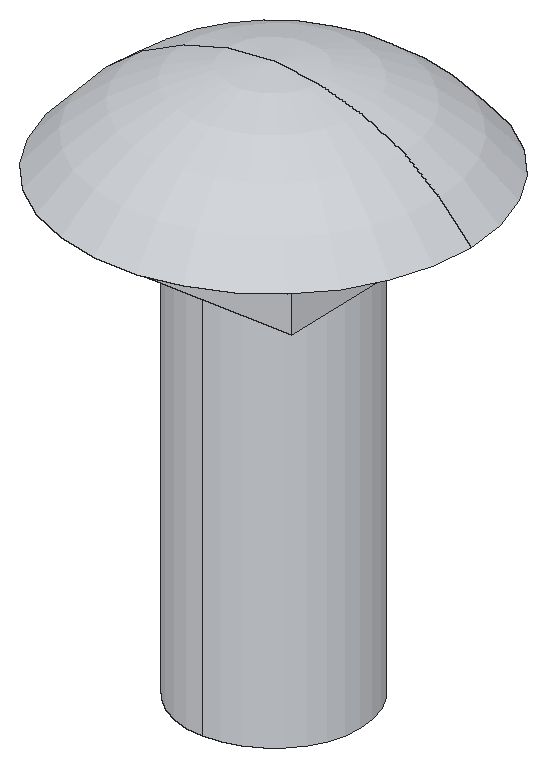
Revit family "RRCB", category Generic Models, Revit 2018
Family settings
  Can host rebar = No
  Round Connector Dimension = Use Diameter
  Part Type = Normal
  Work Plane-Based = Yes
  Always vertical = No
  Cut with Voids When Loaded = No
  Shared = No
  Room Calculation Point = No
Parameters (values of type "RRCB38161")
  Square Width = 0.388"
  Square Depth = 0.156"
  Ship Complete Level [instance] = ""
  Required Date [instance] = ""
  Nominal Size = 0.375"
  Length = 1.000"
  Job [instance] = ""
  Head Width = 0.844"
  Head Height = 0.208"
  Group/Run [instance] = ""
  Description = "Bolt Carriage Stainless 3/8-16 X 1 Inch long"
  Default Elevation = 48.000"
  Custom [instance] = ""
  Catalog Number = "RRCB38161"
  Bolt Radius = Nominal Size / 2  # 0.1875"
  Bolt Material = none
  Assembly Name [instance] = ""
  Assembly ID [instance] = ""
Reference planes (in)
  plane 1 "Center (Front/Back)": y = 0
  plane 2: z = 0
  plane 3 "Center (Left/Right)": x = 0
  plane 4 "head right": x = 0.422
  plane 5 "head left": x = -0.422
  plane 6 "bolt end": z = -1
  plane 7 "top": z = 0.208
  plane 8: x = 0.194
  plane 9: x = -0.194
  plane 10: y = 0.194
  plane 11: y = -0.194
  plane 12: z = -0.156
Forms (in)
  Extrusion 1, solid, material <- "Bolt Material"
    sketch origin (0, 0, -1) x (0, -1, 0) y (1, 0, 0)
      loop
        circle (0, 0) r 0.1875
    from 0 to 0.83863
  Revolve 2, solid, material <- "Bolt Material"
    sketch origin (0, 0, 0) x (1, 0, 0) y (0, 0, 1)
      loop
        line (0, 0) -> (0, 0.208)
        arc (0, 0.208) -> (-0.23524, 0.15318) -> (-0.422, 0) r 0.53209
        line (-0.422, 0) -> (0, 0)
      axis (0, 0.208) -> (0, 0)
    angle from 0 to 360
  Extrusion 3, solid, material <- "Bolt Material"
    sketch origin (0, 0, 0) x (1, 0, 0) y (0, 1, 0)
      loop
        line (-0.194, 0.194) -> (-0.194, -0.194) -> (0.194, -0.194) -> (0.194, 0.194) -> (-0.194, 0.194)
    from 0 to -0.16137
Dimensions and locks (in)
  "Head Width": plane 5 "head left" to plane 4 "head right"
  equal spacing: plane 5 "head left", plane 3 "Center (Left/Right)", plane 4 "head right"
  "Length": level to plane 6 "bolt end"
  "Head Height": plane 7 "top" to level
  "Square Width": plane 10 to plane 11
  equal spacing: plane 10, plane 1 "Center (Front/Back)", plane 11
  "Square Width": plane 9 to plane 8
  equal spacing: plane 9, plane 3 "Center (Left/Right)", plane 8
  "Square Depth": level to plane 12
  "Bolt Radius": radius of Extrusion 1 sketch curve
  aligned and locked: plane 2 to level
  aligned and locked: plane 7 "top" to Revolve 2 sketch curve
  aligned and locked: plane 5 "head left" to Revolve 2 sketch curve
  aligned and locked: Extrusion 3 sketch curve to plane 8
  aligned and locked: plane 10 to Extrusion 3 sketch curve
  aligned and locked: Extrusion 3 sketch curve to plane 9
  aligned and locked: plane 11 to Extrusion 3 sketch curve
Automatic sketch dimensions
  Revolve 2 sketch curve to level = 0.000"
  Revolve 2 sketch curve to plane 3 "Center (Left/Right)" = 0.000"  (x2)
  Revolve 2 sketch curve to Revolve 2 sketch curve = 0.13155"
  Revolve 2 sketch curve to Revolve 2 sketch curve = 0.33636"
  plane 1 "Center (Front/Back)" to Extrusion 1 sketch curve = 0.000"
  Extrusion 1 sketch curve to plane 3 "Center (Left/Right)" = 0.000"
